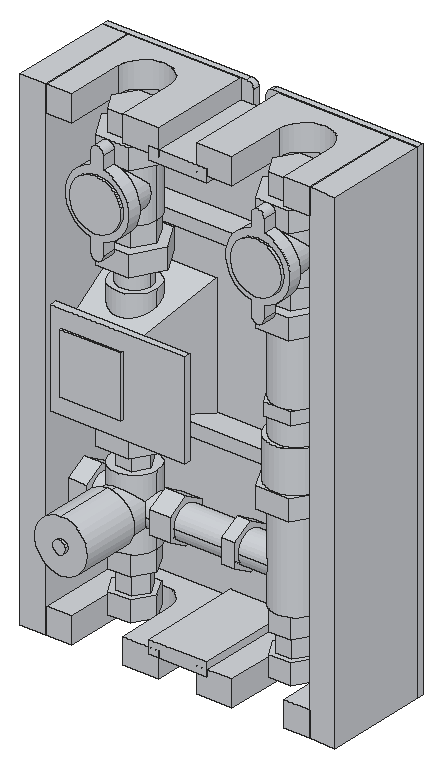
Revit family "330_3ec5e8d3080b46d3927e8630bd1675", category Mechanical Equipment, Revit 2022
Family settings
  Round Connector Dimension = Use Diameter
  Classification = None
  Part Type = Normal
  Work Plane-Based = No
  Always vertical = Yes
  Cut with Voids When Loaded = No
  Maintain Annotation Orientation = No
  Shared = No
  Room Calculation Point = No
Parameters (values of type "2174 1130EA")
  magiProductId = "3ec5e8d3080b46d3927e8630bd1675"
  magiProductFamilyId = "3ec5e8d3080b46d3927e8630bd1675"
  magiPartTypeId = 330
  XC = 62.5 mm
  WL = 225 mm
  W2L__ve = -W2L  # -80 mm
  W2L = 80 mm
  W2 = 85 mm
  W = 170 mm
  VersionID = "2.0/2019.5.23.1/FAR_2174_001"
  R25 = 25.5 mm
  R2 = 12.5 mm
  R15 = 17.5 mm
  R13 = 20.5 mm
  R1 = 12.5 mm
  QmdConnectorList = "301;P2;302;P2;303;P1;304;P1"
  Productdata [instance] = "© MagiCAD Group, all rights reserved"
  PL = 48.571 mm
  P2 = 25 mm
  P1 = 25 mm
  Manufacturer = "FAR"
  MC Shunt Valve Configuration = 0
  MC Shunt Control Valve Location = 0
  MC Product Code = "2174 1130EA"
  MC Primary Sizing Flow [instance] = 0.0 L/s
  MC Primary Given Pressure Drop [instance] = 0.0 Pa
  MC Piping Secondary Pressure Drop [instance] = 0.0 Pa
  MC Piping Secondary Flow [instance] = 0.0 L/s
  MC Piping Flow [instance] = 0.0 L/s
  MC Control Valve kv [instance] = 0
  MC Control Valve Pressure Drop [instance] = 0.0 Pa
  MC Balancing Valve kv [instance] = 0
  MC Balancing Valve Pressure Drop [instance] = 0.0 Pa
  MC Adjustable Valve kv for min dp [instance] = 0
  MC Adjustable Valve kv for max dp [instance] = 0
  MC Adjustable Valve Min Pressure Drop [instance] = 0.0 Pa
  MC Adjustable Valve Max Pressure Drop [instance] = 0.0 Pa
  LH92 = 21.333 mm
  LH9 = 42.667 mm
  LH62 = 27.429 mm
  LH61 = 86.857 mm
  LH6 = 54.857 mm
  LH48 = 104.476 mm
  LH44 = 74.476 mm
  LH42 = 47.238 mm
  LH4 = 94.476 mm
  L5 = 5 mm
  L45__ve = -L45  # -45 mm
  L45 = 45 mm
  L30 = 32 mm
  L22__ve = -L22  # -5 mm
  L222__ve = -L222  # -2 mm
  L222 = 2 mm
  L22 = 5 mm
  L20__ve = -L20  # -20 mm
  L20 = 20 mm
  L2 = 122.5 mm
  L15__ve = -L15  # -16 mm
  L15 = 16 mm
  L10__ve = -L10  # -10 mm
  L10 = 10 mm
  L = 245 mm
  KH = 15 mm
  H2 = 192 mm
  H = 384 mm
  Description = "Booster unit, thermostatic, pump 1-7m, shut-off valv., 130mm"
  Default Elevation = 0 mm
  CenSd_R25_6 = R25 * cos(30.00°)  # 22.084 mm
  CenSd_R1_6 = R1 * cos(30.00°)  # 10.825 mm
  CenSd_R15_6 = R15 * cos(30.00°)  # 15.155 mm
  CenSd_R13_6 = R13 * cos(30.00°)  # 17.754 mm
  CAT0 = yes
  CAT = no
Reference planes
  plane 1 "Center (Front/Back)": y = 0
  plane 2 "XYPLANE": z = 0
  plane 3 "Center (Left/Right)": x = 0
  plane 4 "380": z = 176
  plane 5 "379": z = 6.857
  plane 6 "376": z = -25.143
  plane 7 "373": y = -120
  plane 8 "372": x = 27.5
  plane 9 "369": x = -22.5
  plane 10 "368": x = -87.5
  plane 11 "358": y = -85
  plane 12 "350": z = -52.143
  plane 13 "347": z = 90.333
  plane 14 "342": x = 15
  plane 15 "341": x = 82.5
  plane 16 "340": x = 42.5
  plane 17 "339": x = 102.5
  plane 18 "331": y = -40
  plane 19 "330": y = -5
  plane 20 "329": y = -85
  plane 21 "328": x = -82.5
  plane 22 "327": x = -42.5
  plane 23 "326": x = -15
  plane 24 "325": x = -102.5
  plane 25 "323": x = 112.5
  plane 26 "319": y = -5
  plane 27 "318": x = -112.5
  plane 28 "311": z = -100.571
  plane 29 "304": x = 57.5
  plane 30 "303": x = 67.5
  plane 31 "296": y = -85
  plane 32 "290": z = 87.667
  plane 33 "289": z = 157.667
  plane 34 "288": z = 122.667
  plane 35 "287": x = -67.5
  plane 36 "286": x = -57.5
  plane 37 "285": z = 97.667
  plane 38 "284": z = 147.667
  plane 39 "281": y = -90
  plane 40 "277": x = -42.5
  plane 41 "274": y = -75
  plane 42 "272": z = 6.095
  plane 43 "271": y = -15
  plane 44 "243": z = 69.333
  plane 45 "240": z = 160
  plane 46 "239": z = 144
  plane 47 "238": z = 101.333
  plane 48 "231": z = 85.333
  plane 49 "228": z = 53.333
  plane 50 "225": z = -41.143
  plane 51 "222": z = -57.143
  plane 52 "219": z = -128
  plane 53 "216": z = -73.143
  plane 54 "215": z = -144
  plane 55 "210": z = -160
  plane 56 "207": z = -176
  plane 57 "202": x = -5
  plane 58 "201": x = 5
  plane 59 "200": x = 122.5
  plane 60 "199": z = -172
  plane 61 "198": z = 172
  plane 62 "126": y = -48.571
  plane 63 "121": x = 62.5
  plane 64 "116": x = -62.5
  plane 65 "84": z = -192
  plane 66 "83": z = 192
  plane 67 "82": x = -122.5
  plane 68 "43": y = 0
  plane 69 "42": x = 0
  plane 70 "41": z = 0
Forms (mm)
  Extrusion 1, solid
    sketch origin (-750, 0, 6.857) x (1, 0, 0) y (0, 1, 0)
      loop
        line (833, -48.571) -> (822.75, -30.818) -> (802.25, -30.818) -> (792, -48.571) -> (802.25, -66.325) -> (822.75, -66.325) -> (833, -48.571)
    from 0 to 10 <- "L10"
  Extrusion 2, solid
    sketch origin (750, -120, 0) x (-1, 0, 0) y (0, 0, 1)
      loop
        circle (812.5, -100.571) r 5
    from 0 to -2 <- "L222__ve"
  Extrusion 3, solid
    sketch origin (27.5, -750, 0) x (0, 1, 0) y (0, 0, 1)
      loop
        line (701.429, -83.071) -> (686.273, -91.821) -> (686.273, -109.321) -> (701.429, -118.071) -> (716.584, -109.321) -> (716.584, -91.821) -> (701.429, -83.071)
    from 0 to -10 <- "L10__ve"
  Extrusion 4, solid
    sketch origin (-22.5, -750, 0) x (0, 1, 0) y (0, 0, 1)
      loop
        line (701.429, -83.071) -> (686.273, -91.821) -> (686.273, -109.321) -> (701.429, -118.071) -> (716.584, -109.321) -> (716.584, -91.821) -> (701.429, -83.071)
    from 0 to -16 <- "L15__ve"
  Extrusion 5, solid
    sketch origin (-87.5, -750, 0) x (0, 1, 0) y (0, 0, 1)
      loop
        line (701.429, -83.071) -> (686.273, -91.821) -> (686.273, -109.321) -> (701.429, -118.071) -> (716.584, -109.321) -> (716.584, -91.821) -> (701.429, -83.071)
    from 0 to -16 <- "L15__ve"
  Extrusion 6, solid
    sketch origin (62.5, -750, 0) x (0, 1, 0) y (0, 0, 1)
      loop
        circle (701.429, -100.571) r 12.5
    from 0 to -150
  Extrusion 7, solid
    sketch origin (750, -75, 0) x (-1, 0, 0) y (0, 0, 1)
      loop
        circle (812.5, -100.571) r 20.5
    from 0 to -45 <- "L45__ve"
  Extrusion 8, solid
    sketch origin (750, -5, 0) x (-1, 0, 0) y (0, 0, 1)
      loop
        line (727.5, -167) -> (727.5, -177) -> (772.5, -177) -> (772.5, -167) -> (727.5, -167)
    from 0 to -80 <- "W2L__ve"
  Extrusion 9, solid
    sketch origin (750, -5, 0) x (-1, 0, 0) y (0, 0, 1)
      loop
        line (727.5, 177) -> (727.5, 167) -> (772.5, 167) -> (772.5, 177) -> (727.5, 177)
    from 0 to -80 <- "W2L__ve"
  Extrusion 10, solid
    sketch origin (750, -5, 0) x (-1, 0, 0) y (0, 0, 1)
      loop
        line (862.5, -47.143) -> (637.5, -47.143) -> (637.5, -57.143) -> (862.5, -57.143) -> (862.5, -47.143)
    from 0 to -20 <- "L20__ve"
  Extrusion 11, solid
    sketch origin (750, -5, 0) x (-1, 0, 0) y (0, 0, 1)
      loop
        line (862.5, 95.333) -> (637.5, 95.333) -> (637.5, 85.333) -> (862.5, 85.333) -> (862.5, 95.333)
    from 0 to -20 <- "L20__ve"
  Extrusion 12, solid
    sketch origin (-750, 0, -192) x (1, 0, 0) y (0, 1, 0)
      loop
        line (765, -5) -> (765, -85) -> (792.5, -85) -> (792.5, -40)
        arc (792.5, -40) -> (812.5, -20) -> (832.5, -40) r 20
        line (832.5, -40) -> (832.5, -85) -> (852.5, -85) -> (852.5, -5) -> (765, -5)
    from 0 to 20 <- "L20"
  Extrusion 13, solid
    sketch origin (-750, 0, 192) x (1, 0, 0) y (0, 1, 0)
      loop
        line (765, -5) -> (765, -85) -> (792.5, -85) -> (792.5, -40)
        arc (792.5, -40) -> (812.5, -20) -> (832.5, -40) r 20
        line (832.5, -40) -> (832.5, -85) -> (852.5, -85) -> (852.5, -5) -> (765, -5)
    from 0 to -20 <- "L20__ve"
  Extrusion 14, solid
    sketch origin (-750, 0, -192) x (1, 0, 0) y (0, 1, 0)
      loop
        line (647.5, -5) -> (647.5, -85) -> (667.5, -85) -> (667.5, -40)
        arc (667.5, -40) -> (687.5, -20) -> (707.5, -40) r 20
        line (707.5, -40) -> (707.5, -85) -> (735, -85) -> (735, -5) -> (647.5, -5)
    from 0 to 20 <- "L20"
  Extrusion 15, solid
    sketch origin (-750, 0, 192) x (1, 0, 0) y (0, 1, 0)
      loop
        line (647.5, -5) -> (647.5, -85) -> (667.5, -85) -> (667.5, -40)
        arc (667.5, -40) -> (687.5, -20) -> (707.5, -40) r 20
        line (707.5, -40) -> (707.5, -85) -> (735, -85) -> (735, -5) -> (647.5, -5)
    from 0 to -20 <- "L20__ve"
  Extrusion 16, solid
    sketch origin (750, -5, 0) x (-1, 0, 0) y (0, 0, 1)
      loop
        line (627.5, 192) -> (627.5, -192) -> (647.5, -192) -> (647.5, 192) -> (627.5, 192)
    from 0 to -80 <- "W2L__ve"
  Extrusion 17, solid
    sketch origin (750, -5, 0) x (-1, 0, 0) y (0, 0, 1)
      loop
        line (852.5, 192) -> (852.5, -192) -> (872.5, -192) -> (872.5, 192) -> (852.5, 192)
    from 0 to -80 <- "W2L__ve"
  Extrusion 18, solid
    sketch origin (750, -75, 0) x (-1, 0, 0) y (0, 0, 1)
      loop
        circle (812.5, -100.571) r 17.5
    from 0 to 20 <- "L20"
  Extrusion 19, solid
    sketch origin (750, -75, 0) x (-1, 0, 0) y (0, 0, 1)
      loop
        line (692.5, 87.667) -> (692.5, 97.667)
        arc (692.5, 97.667) -> (712.5, 122.667) -> (692.5, 147.667) r 25.625
        line (692.5, 147.667) -> (692.5, 157.667)
        arc (692.5, 157.667) -> (687.5, 162.667) -> (682.5, 157.667) r 5
        line (682.5, 157.667) -> (682.5, 147.667)
        arc (682.5, 147.667) -> (662.5, 122.667) -> (682.5, 97.667) r 25.625
        line (682.5, 97.667) -> (682.5, 87.667)
        arc (682.5, 87.667) -> (687.5, 82.667) -> (692.5, 87.667) r 5
    from 0 to -10 <- "L10__ve"
  Extrusion 20, solid
    sketch origin (750, -75, 0) x (-1, 0, 0) y (0, 0, 1)
      loop
        circle (687.5, 122.667) r 17.5
    from 0 to 20 <- "L20"
  Extrusion 21, solid
    sketch origin (750, -85, 0) x (-1, 0, 0) y (0, 0, 1)
      loop
        circle (687.5, 122.667) r 20
    from 0 to -2 <- "L222__ve"
  Extrusion 22, solid
    sketch origin (750, -85, 0) x (-1, 0, 0) y (0, 0, 1)
      loop
        circle (812.5, 122.667) r 20
    from 0 to -2 <- "L222__ve"
  Extrusion 23, solid
    sketch origin (750, -75, 0) x (-1, 0, 0) y (0, 0, 1)
      loop
        circle (812.5, 122.667) r 17.5
    from 0 to 20 <- "L20"
  Extrusion 24, solid
    sketch origin (750, -75, 0) x (-1, 0, 0) y (0, 0, 1)
      loop
        line (817.5, 87.667) -> (817.5, 97.667)
        arc (817.5, 97.667) -> (837.5, 122.667) -> (817.5, 147.667) r 25.625
        line (817.5, 147.667) -> (817.5, 157.667)
        arc (817.5, 157.667) -> (812.5, 162.667) -> (807.5, 157.667) r 5
        line (807.5, 157.667) -> (807.5, 147.667)
        arc (807.5, 147.667) -> (787.5, 122.667) -> (807.5, 97.667) r 25.625
        line (807.5, 97.667) -> (807.5, 87.667)
        arc (807.5, 87.667) -> (812.5, 82.667) -> (817.5, 87.667) r 5
    from 0 to -10 <- "L10__ve"
  Extrusion 25, solid
    sketch origin (750, -90, 0) x (-1, 0, 0) y (0, 0, 1)
      loop
        line (788.881, 29.714) -> (788.881, -17.524) -> (836.119, -17.524) -> (836.119, 29.714) -> (788.881, 29.714)
    from 0 to -2
  Extrusion 26, solid
    sketch origin (750, -85, 0) x (-1, 0, 0) y (0, 0, 1)
      loop
        line (740.262, 43.333) -> (740.262, -31.143) -> (844.738, -31.143) -> (844.738, 43.333) -> (740.262, 43.333)
    from 0 to -5 <- "L22__ve"
  Blend 27, solid
    base sketch origin (750, -15, 0) x (-1, 0, 0) y (0, 0, 1)
      loop
        line (775.262, 53.333) -> (775.262, -41.143) -> (849.738, -41.143) -> (849.738, 53.333) -> (775.262, 53.333)
    top sketch origin (750, -15, 0) x (-1, 0, 0) y (0, 0, 1)
      loop
        line (788.881, 29.714) -> (788.881, -17.524) -> (836.119, -17.524) -> (836.119, 29.714) -> (788.881, 29.714)
    from 0 to -70
  Extrusion 28, solid
    sketch origin (-750, 0, -176) x (1, 0, 0) y (0, 1, 0)
      loop
        line (830, -48.571) -> (821.25, -33.416) -> (803.75, -33.416) -> (795, -48.571) -> (803.75, -63.727) -> (821.25, -63.727) -> (830, -48.571)
    from 0 to 16 <- "L15"
  Extrusion 29, solid
    sketch origin (-750, 0, -160) x (1, 0, 0) y (0, 1, 0)
      loop
        line (825, -48.571) -> (818.75, -37.746) -> (806.25, -37.746) -> (800, -48.571) -> (806.25, -59.397) -> (818.75, -59.397) -> (825, -48.571)
    from 0 to 16 <- "L15"
  Extrusion 30, solid
    sketch origin (-750, 0, -144) x (1, 0, 0) y (0, 1, 0)
      loop
        line (830, -48.571) -> (821.25, -33.416) -> (803.75, -33.416) -> (795, -48.571) -> (803.75, -63.727) -> (821.25, -63.727) -> (830, -48.571)
    from 0 to 16 <- "L15"
  Extrusion 31, solid
    sketch origin (-750, 0, -128) x (1, 0, 0) y (0, 1, 0)
      loop
        circle (812.5, -48.571) r 17.5
    from 0 to 86.857 <- "LH61"
  Extrusion 32, solid
    sketch origin (-750, 0, -57.143) x (1, 0, 0) y (0, 1, 0)
      loop
        line (838, -48.571) -> (825.25, -26.488) -> (799.75, -26.488) -> (787, -48.571) -> (799.75, -70.655) -> (825.25, -70.655) -> (838, -48.571)
    from 0 to 16 <- "L15"
  Extrusion 33, solid
    sketch origin (-750, 0, -41.143) x (1, 0, 0) y (0, 1, 0)
      loop
        circle (812.5, -48.571) r 20.5
    from 0 to 32 <- "L30"
  Extrusion 34, solid
    sketch origin (-750, 0, 69.333) x (1, 0, 0) y (0, 1, 0)
      loop
        line (838, -48.571) -> (825.25, -26.488) -> (799.75, -26.488) -> (787, -48.571) -> (799.75, -70.655) -> (825.25, -70.655) -> (838, -48.571)
    from 0 to 16 <- "L15"
  Extrusion 35, solid
    sketch origin (-750, 0, 85.333) x (1, 0, 0) y (0, 1, 0)
      loop
        line (830, -48.571) -> (821.25, -33.416) -> (803.75, -33.416) -> (795, -48.571) -> (803.75, -63.727) -> (821.25, -63.727) -> (830, -48.571)
    from 0 to 16 <- "L15"
  Extrusion 36, solid
    sketch origin (-750, 0, 160) x (1, 0, 0) y (0, 1, 0)
      loop
        line (830, -48.571) -> (821.25, -33.416) -> (803.75, -33.416) -> (795, -48.571) -> (803.75, -63.727) -> (821.25, -63.727) -> (830, -48.571)
    from 0 to 16 <- "L15"
  Extrusion 37, solid
    sketch origin (-750, 0, 144) x (1, 0, 0) y (0, 1, 0)
      loop
        line (838, -48.571) -> (825.25, -26.488) -> (799.75, -26.488) -> (787, -48.571) -> (799.75, -70.655) -> (825.25, -70.655) -> (838, -48.571)
    from 0 to 16 <- "L15"
  Extrusion 38, solid
    sketch origin (-750, 0, 101.333) x (1, 0, 0) y (0, 1, 0)
      loop
        circle (812.5, -48.571) r 17.5
    from 0 to 42.667 <- "LH9"
  Extrusion 39, solid
    sketch origin (-750, 0, -25.143) x (1, 0, 0) y (0, 1, 0)
      loop
        circle (812.5, -48.571) r 17.5
    from 0 to 94.476 <- "LH4"
  Extrusion 40, solid
    sketch origin (-750, 0, 53.333) x (1, 0, 0) y (0, 1, 0)
      loop
        circle (687.5, -48.571) r 12.5
    from 0 to 16 <- "L15"
  Extrusion 41, solid
    sketch origin (-750, 0, 101.333) x (1, 0, 0) y (0, 1, 0)
      loop
        circle (687.5, -48.571) r 17.5
    from 0 to 42.667 <- "LH9"
  Extrusion 42, solid
    sketch origin (-750, 0, 144) x (1, 0, 0) y (0, 1, 0)
      loop
        line (713, -48.571) -> (700.25, -26.488) -> (674.75, -26.488) -> (662, -48.571) -> (674.75, -70.655) -> (700.25, -70.655) -> (713, -48.571)
    from 0 to 16 <- "L15"
  Extrusion 43, solid
    sketch origin (-750, 0, 160) x (1, 0, 0) y (0, 1, 0)
      loop
        line (705, -48.571) -> (696.25, -33.416) -> (678.75, -33.416) -> (670, -48.571) -> (678.75, -63.727) -> (696.25, -63.727) -> (705, -48.571)
    from 0 to 16 <- "L15"
  Extrusion 44, solid
    sketch origin (-750, 0, 85.333) x (1, 0, 0) y (0, 1, 0)
      loop
        line (705, -48.571) -> (696.25, -33.416) -> (678.75, -33.416) -> (670, -48.571) -> (678.75, -63.727) -> (696.25, -63.727) -> (705, -48.571)
    from 0 to 16 <- "L15"
  Extrusion 45, solid
    sketch origin (-750, 0, 69.333) x (1, 0, 0) y (0, 1, 0)
      loop
        line (713, -48.571) -> (700.25, -26.488) -> (674.75, -26.488) -> (662, -48.571) -> (674.75, -70.655) -> (700.25, -70.655) -> (713, -48.571)
    from 0 to 16 <- "L15"
  Extrusion 46, solid
    sketch origin (-750, 0, -41.143) x (1, 0, 0) y (0, 1, 0)
      loop
        circle (687.5, -48.571) r 17.5
    from 0 to 94.476 <- "LH4"
  Extrusion 47, solid
    sketch origin (-750, 0, -57.143) x (1, 0, 0) y (0, 1, 0)
      loop
        line (713, -48.571) -> (700.25, -26.488) -> (674.75, -26.488) -> (662, -48.571) -> (674.75, -70.655) -> (700.25, -70.655) -> (713, -48.571)
    from 0 to 16 <- "L15"
  Extrusion 48, solid
    sketch origin (-750, 0, -73.143) x (1, 0, 0) y (0, 1, 0)
      loop
        line (700, -48.571) -> (693.75, -37.746) -> (681.25, -37.746) -> (675, -48.571) -> (681.25, -59.397) -> (693.75, -59.397) -> (700, -48.571)
    from 0 to 16 <- "L15"
  Extrusion 49, solid
    sketch origin (-750, 0, -128) x (1, 0, 0) y (0, 1, 0)
      loop
        circle (687.5, -48.571) r 17.5
    from 0 to 54.857 <- "LH6"
  Extrusion 50, solid
    sketch origin (-750, 0, -144) x (1, 0, 0) y (0, 1, 0)
      loop
        line (705, -48.571) -> (696.25, -33.416) -> (678.75, -33.416) -> (670, -48.571) -> (678.75, -63.727) -> (696.25, -63.727) -> (705, -48.571)
    from 0 to 16 <- "L15"
  Extrusion 51, solid
    sketch origin (-750, 0, -160) x (1, 0, 0) y (0, 1, 0)
      loop
        line (700, -48.571) -> (693.75, -37.746) -> (681.25, -37.746) -> (675, -48.571) -> (681.25, -59.397) -> (693.75, -59.397) -> (700, -48.571)
    from 0 to 16 <- "L15"
  Extrusion 52, solid
    sketch origin (-750, 0, -176) x (1, 0, 0) y (0, 1, 0)
      loop
        line (705, -48.571) -> (696.25, -33.416) -> (678.75, -33.416) -> (670, -48.571) -> (678.75, -63.727) -> (696.25, -63.727) -> (705, -48.571)
    from 0 to 16 <- "L15"
  Extrusion 53, solid
    sketch origin (750, 0, 0) x (-1, 0, 0) y (0, 0, 1)
      loop
        line (872.5, 192) -> (760, 192)
        arc (760, 192) -> (756.464, 190.536) -> (755, 187) r 5
        line (755, 187) -> (755, 172) -> (745, 172) -> (745, 187)
        arc (745, 187) -> (743.536, 190.536) -> (740, 192) r 5
        line (740, 192) -> (627.5, 192) -> (627.5, -192) -> (740, -192)
        arc (740, -192) -> (743.536, -190.536) -> (745, -187) r 5
        line (745, -187) -> (745, -172) -> (755, -172) -> (755, -187)
        arc (755, -187) -> (756.464, -190.536) -> (760, -192) r 5
        line (760, -192) -> (872.5, -192) -> (872.5, 192)
    from 0 to -5 <- "L22__ve"
  Extrusion 54, solid, not visible
    sketch origin (-750, 0, -176) x (1, 0, 0) y (0, 1, 0)
      loop
        circle (812.5, -48.571) r 10
    from 0 to 10
  Extrusion 55, solid, not visible
    sketch origin (-750, 0, -176) x (1, 0, 0) y (0, 1, 0)
      loop
        circle (687.5, -48.571) r 10
    from 0 to 10
  Extrusion 56, solid, not visible
    sketch origin (-750, 0, 176) x (1, 0, 0) y (0, 1, 0)
      loop
        circle (812.5, -48.571) r 10
    from 0 to -10
  Extrusion 57, solid, not visible
    sketch origin (-750, 0, 176) x (1, 0, 0) y (0, 1, 0)
      loop
        circle (687.5, -48.571) r 10
    from 0 to -10
Lines and regions (mm)
  reference lines, not visible
    curve 1: circle (2, 2, 0) r 1 normal (0, 0, 1)
  reference lines
    curve 2: line (62.5, -48.571, 6.857) -> (57.375, -39.695, 6.857)
    curve 3: line (62.5, -48.571, 6.857) -> (52.25, -48.571, 6.857)
    curve 4: line (62.5, -48.571, 6.857) -> (57.375, -57.448, 6.857)
    curve 5: line (27.5, -48.571, -100.571) -> (27.5, -40.994, -104.946)
    curve 6: line (27.5, -48.571, -100.571) -> (27.5, -48.571, -109.321)
    curve 7: line (27.5, -48.571, -100.571) -> (27.5, -56.149, -104.946)
    curve 8: line (-22.5, -48.571, -100.571) -> (-22.5, -40.994, -104.946)
    curve 9: line (-22.5, -48.571, -100.571) -> (-22.5, -48.571, -109.321)
    curve 10: line (-22.5, -48.571, -100.571) -> (-22.5, -56.149, -104.946)
    curve 11: line (-87.5, -48.571, -100.571) -> (-87.5, -40.994, -104.946)
    curve 12: line (-87.5, -48.571, -100.571) -> (-87.5, -48.571, -109.321)
    curve 13: line (-87.5, -48.571, -100.571) -> (-87.5, -56.149, -104.946)
    curve 14: circle (0, -5, -172) r 1 normal (0, -1, 0)
    curve 15: circle (0, -5, 172) r 1 normal (0, -1, 0)
    curve 16: circle (0, -5, -52.143) r 1 normal (0, -1, 0)
    curve 17: circle (0, -5, 90.333) r 1 normal (0, -1, 0)
    curve 18: line (82.5, -40, -192) -> (42.5, -40, -192)
    curve 19: line (82.5, -40, 192) -> (42.5, -40, 192)
    curve 20: line (-42.5, -40, -192) -> (-82.5, -40, -192)
    curve 21: line (-42.5, -40, 192) -> (-82.5, -40, 192)
    curve 22: circle (112.5, -5, 0) r 1 normal (0, -1, 0)
    curve 23: circle (-112.5, -5, 0) r 1 normal (0, -1, 0)
    curve 24: line (57.5, -75, 87.667) -> (67.5, -75, 87.667)
    curve 25: line (67.5, -75, 97.667) -> (67.5, -75, 147.667)
    curve 26: line (67.5, -75, 157.667) -> (57.5, -75, 157.667)
    curve 27: line (57.5, -75, 147.667) -> (57.5, -75, 97.667)
    curve 28: line (-67.5, -75, 87.667) -> (-57.5, -75, 87.667)
    curve 29: line (-57.5, -75, 97.667) -> (-57.5, -75, 147.667)
    curve 30: line (-57.5, -75, 157.667) -> (-67.5, -75, 157.667)
    curve 31: line (-67.5, -75, 147.667) -> (-67.5, -75, 97.667)
    curve 32: circle (-62.5, -90, 6.095) r 1 normal (0, -1, 0)
    curve 33: circle (-42.5, -85, 6.095) r 1 normal (0, -1, 0)
    curve 34: circle (-62.5, -15, 6.095) r 1 normal (0, 1, 0)
    curve 35: circle (-62.5, -15, 6.095) r 1 normal (0, -1, 0)
    curve 36: line (62.5, -48.571, -176) -> (58.125, -40.994, -176)
    curve 37: line (62.5, -48.571, -176) -> (53.75, -48.571, -176)
    curve 38: line (62.5, -48.571, -176) -> (58.125, -56.149, -176)
    curve 39: line (62.5, -48.571, -160) -> (59.375, -43.159, -160)
    curve 40: line (62.5, -48.571, -160) -> (56.25, -48.571, -160)
    curve 41: line (62.5, -48.571, -160) -> (59.375, -53.984, -160)
    curve 42: line (62.5, -48.571, -144) -> (58.125, -40.994, -144)
    curve 43: line (62.5, -48.571, -144) -> (53.75, -48.571, -144)
    curve 44: line (62.5, -48.571, -144) -> (58.125, -56.149, -144)
    curve 45: line (62.5, -48.571, -57.143) -> (56.125, -37.53, -57.143)
    curve 46: line (62.5, -48.571, -57.143) -> (49.75, -48.571, -57.143)
    curve 47: line (62.5, -48.571, -57.143) -> (56.125, -59.613, -57.143)
    curve 48: line (62.5, -48.571, 69.333) -> (56.125, -37.53, 69.333)
    curve 49: line (62.5, -48.571, 69.333) -> (49.75, -48.571, 69.333)
    curve 50: line (62.5, -48.571, 69.333) -> (56.125, -59.613, 69.333)
    curve 51: line (62.5, -48.571, 85.333) -> (58.125, -40.994, 85.333)
    curve 52: line (62.5, -48.571, 85.333) -> (53.75, -48.571, 85.333)
    curve 53: line (62.5, -48.571, 85.333) -> (58.125, -56.149, 85.333)
    curve 54: line (62.5, -48.571, 160) -> (58.125, -40.994, 160)
    curve 55: line (62.5, -48.571, 160) -> (53.75, -48.571, 160)
    curve 56: line (62.5, -48.571, 160) -> (58.125, -56.149, 160)
    curve 57: line (62.5, -48.571, 144) -> (56.125, -37.53, 144)
    curve 58: line (62.5, -48.571, 144) -> (49.75, -48.571, 144)
    curve 59: line (62.5, -48.571, 144) -> (56.125, -59.613, 144)
    curve 60: line (-62.5, -48.571, 144) -> (-68.875, -37.53, 144)
    curve 61: line (-62.5, -48.571, 144) -> (-75.25, -48.571, 144)
    curve 62: line (-62.5, -48.571, 144) -> (-68.875, -59.613, 144)
    curve 63: line (-62.5, -48.571, 160) -> (-66.875, -40.994, 160)
    curve 64: line (-62.5, -48.571, 160) -> (-71.25, -48.571, 160)
    curve 65: line (-62.5, -48.571, 160) -> (-66.875, -56.149, 160)
    curve 66: line (-62.5, -48.571, 85.333) -> (-66.875, -40.994, 85.333)
    curve 67: line (-62.5, -48.571, 85.333) -> (-71.25, -48.571, 85.333)
    curve 68: line (-62.5, -48.571, 85.333) -> (-66.875, -56.149, 85.333)
    curve 69: line (-62.5, -48.571, 69.333) -> (-68.875, -37.53, 69.333)
    curve 70: line (-62.5, -48.571, 69.333) -> (-75.25, -48.571, 69.333)
    curve 71: line (-62.5, -48.571, 69.333) -> (-68.875, -59.613, 69.333)
    curve 72: line (-62.5, -48.571, -57.143) -> (-68.875, -37.53, -57.143)
    curve 73: line (-62.5, -48.571, -57.143) -> (-75.25, -48.571, -57.143)
    curve 74: line (-62.5, -48.571, -57.143) -> (-68.875, -59.613, -57.143)
    curve 75: line (-62.5, -48.571, -73.143) -> (-65.625, -43.159, -73.143)
    curve 76: line (-62.5, -48.571, -73.143) -> (-68.75, -48.571, -73.143)
    curve 77: line (-62.5, -48.571, -73.143) -> (-65.625, -53.984, -73.143)
    curve 78: line (-62.5, -48.571, -144) -> (-66.875, -40.994, -144)
    curve 79: line (-62.5, -48.571, -144) -> (-71.25, -48.571, -144)
    curve 80: line (-62.5, -48.571, -144) -> (-66.875, -56.149, -144)
    curve 81: line (-62.5, -48.571, -160) -> (-65.625, -43.159, -160)
    curve 82: line (-62.5, -48.571, -160) -> (-68.75, -48.571, -160)
    curve 83: line (-62.5, -48.571, -160) -> (-65.625, -53.984, -160)
    curve 84: line (-62.5, -48.571, -176) -> (-66.875, -40.994, -176)
    curve 85: line (-62.5, -48.571, -176) -> (-71.25, -48.571, -176)
    curve 86: line (-62.5, -48.571, -176) -> (-66.875, -56.149, -176)
Dimensions and locks
  plane 1 "Center (Front/Back)" to curve 1 = 2 mm
  "L15": plane 45 "240" to plane 4 "380"
  "L30": plane 6 "376" to plane 5 "379"
  "L15": plane 50 "225" to plane 6 "376"
  "L45": plane 41 "274" to plane 7 "373"
  locked: plane 9 "369" to plane 8 "372" at 50
  locked: plane 10 "368" to plane 9 "369" at 65
  locked: plane 63 "121" to plane 10 "368" at 150
  locked: plane 43 "271" to plane 11 "358" at 70
  "L5": plane 51 "222" to plane 12 "350"
  "L5": plane 48 "231" to plane 13 "347"
  "L10": plane 58 "201" to plane 14 "342"
  "L20": plane 63 "121" to plane 15 "341"
  "L20": plane 63 "121" to plane 16 "340"
  "L10": plane 25 "323" to plane 17 "339"
  "L45": plane 20 "329" to plane 18 "331"
  "L22": plane 68 "43" to plane 19 "330"
  "W2L": plane 19 "330" to plane 20 "329"
  "L20": plane 64 "116" to plane 21 "328"
  "L20": plane 64 "116" to plane 22 "327"
  "L10": plane 57 "202" to plane 23 "326"
  "L10": plane 27 "318" to plane 24 "325"
  "L10": plane 59 "200" to plane 25 "323"
  "L22": plane 68 "43" to plane 26 "319"
  "L10": plane 67 "82" to plane 27 "318"
  "LH62": plane 52 "219" to plane 28 "311"
  locked: plane 63 "121" to plane 29 "304" at 5
  locked: plane 63 "121" to plane 30 "303" at 5
  "L10": plane 41 "274" to plane 31 "296"
  "L10": plane 37 "285" to plane 32 "290"
  locked: plane 38 "284" to plane 33 "289" at 10
  "LH92": plane 47 "238" to plane 34 "288"
  locked: plane 64 "116" to plane 35 "287" at 5
  locked: plane 64 "116" to plane 36 "286" at 5
  locked: plane 34 "288" to plane 37 "285" at 25
  locked: plane 34 "288" to plane 38 "284" at 25
  "L22": plane 11 "358" to plane 39 "281"
  locked: plane 64 "116" to plane 40 "277" at 20
  locked: plane 43 "271" to plane 41 "274" at 60
  "LH42": plane 50 "225" to plane 42 "272"
  locked: plane 1 "Center (Front/Back)" to plane 43 "271" at 15
  "L15": plane 49 "228" to plane 44 "243"
  "L15": plane 46 "239" to plane 45 "240"
  "LH9": plane 47 "238" to plane 46 "239"
  "L15": plane 48 "231" to plane 47 "238"
  "L15": plane 44 "243" to plane 48 "231"
  "LH4": plane 50 "225" to plane 49 "228"
  "L15": plane 51 "222" to plane 50 "225"
  "L15": plane 53 "216" to plane 51 "222"
  "L15": plane 54 "215" to plane 52 "219"
  "LH6": plane 52 "219" to plane 53 "216"
  "L15": plane 55 "210" to plane 54 "215"
  "L15": plane 56 "207" to plane 55 "210"
  "L15": plane 65 "84" to plane 56 "207"
  "L5": plane 3 "Center (Left/Right)" to plane 57 "202"
  "L5": plane 3 "Center (Left/Right)" to plane 58 "201"
  "L2": plane 3 "Center (Left/Right)" to plane 59 "200"
  locked: plane 65 "84" to plane 60 "199" at 20
  locked: plane 66 "83" to plane 61 "198" at 20
  "PL": plane 1 "Center (Front/Back)" to plane 62 "126"
  "XC": plane 3 "Center (Left/Right)" to plane 63 "121"
  "XC": plane 3 "Center (Left/Right)" to plane 64 "116"
  "H2": plane 2 "XYPLANE" to plane 65 "84"
  "H2": plane 2 "XYPLANE" to plane 66 "83"
  "L2": plane 3 "Center (Left/Right)" to plane 67 "82"
  locked: plane 1 "Center (Front/Back)" to plane 68 "43"
  locked: plane 3 "Center (Left/Right)" to plane 69 "42"
  locked: plane 2 "XYPLANE" to plane 70 "41"
  "CenSd_R13_6": curve 2 to Extrusion 1 sketch curve  (x2)
  "CenSd_R13_6": curve 3 to Extrusion 1 sketch curve  (x2)
  "CenSd_R13_6": curve 4 to Extrusion 1 sketch curve  (x2)
  Extrusion 1 sketch curve to Extrusion 1 sketch curve = 0 mm  (x12)
  "CenSd_R15_6": curve 5 to Extrusion 3 sketch curve  (x2)
  "CenSd_R15_6": curve 6 to Extrusion 3 sketch curve  (x2)
  "CenSd_R15_6": curve 7 to Extrusion 3 sketch curve  (x2)
  Extrusion 3 sketch curve to Extrusion 3 sketch curve = 0 mm  (x12)
  "CenSd_R15_6": curve 8 to Extrusion 4 sketch curve  (x2)
  "CenSd_R15_6": curve 9 to Extrusion 4 sketch curve  (x2)
  "CenSd_R15_6": curve 10 to Extrusion 4 sketch curve  (x2)
  Extrusion 4 sketch curve to Extrusion 4 sketch curve = 0 mm  (x12)
  "CenSd_R15_6": curve 11 to Extrusion 5 sketch curve  (x2)
  "CenSd_R15_6": curve 12 to Extrusion 5 sketch curve  (x2)
  "CenSd_R15_6": curve 13 to Extrusion 5 sketch curve  (x2)
  Extrusion 5 sketch curve to Extrusion 5 sketch curve = 0 mm  (x12)
  equal spacing: Extrusion 8 sketch curve, curve 14, Extrusion 8 sketch curve  (x2)
  "L10": Extrusion 8 sketch curve to Extrusion 8 sketch curve
  "L45": Extrusion 8 sketch curve to Extrusion 8 sketch curve
  Extrusion 8 sketch curve to Extrusion 8 sketch curve = 0 mm  (x8)
  equal spacing: Extrusion 9 sketch curve, curve 15, Extrusion 9 sketch curve  (x2)
  "L10": Extrusion 9 sketch curve to Extrusion 9 sketch curve
  "L45": Extrusion 9 sketch curve to Extrusion 9 sketch curve
  Extrusion 9 sketch curve to Extrusion 9 sketch curve = 0 mm  (x8)
  equal spacing: Extrusion 10 sketch curve, curve 16, Extrusion 10 sketch curve  (x2)
  "WL": Extrusion 10 sketch curve to Extrusion 10 sketch curve
  "L10": Extrusion 10 sketch curve to Extrusion 10 sketch curve
  Extrusion 10 sketch curve to Extrusion 10 sketch curve = 0 mm  (x8)
  equal spacing: Extrusion 11 sketch curve, curve 17, Extrusion 11 sketch curve  (x2)
  "WL": Extrusion 11 sketch curve to Extrusion 11 sketch curve
  "L10": Extrusion 11 sketch curve to Extrusion 11 sketch curve
  Extrusion 11 sketch curve to Extrusion 11 sketch curve = 0 mm  (x8)
  "L20": curve 18 to Extrusion 12 sketch curve
  Extrusion 12 sketch curve to Extrusion 12 sketch curve = 0 mm  (x16)
  "L20": curve 19 to Extrusion 13 sketch curve
  Extrusion 13 sketch curve to Extrusion 13 sketch curve = 0 mm  (x16)
  "L20": curve 20 to Extrusion 14 sketch curve
  Extrusion 14 sketch curve to Extrusion 14 sketch curve = 0 mm  (x16)
  "L20": curve 21 to Extrusion 15 sketch curve
  Extrusion 15 sketch curve to Extrusion 15 sketch curve = 0 mm  (x16)
  equal spacing: Extrusion 16 sketch curve, curve 22, Extrusion 16 sketch curve  (x2)
  "H": Extrusion 16 sketch curve to Extrusion 16 sketch curve
  "L20": Extrusion 16 sketch curve to Extrusion 16 sketch curve
  Extrusion 16 sketch curve to Extrusion 16 sketch curve = 0 mm  (x8)
  equal spacing: Extrusion 17 sketch curve, curve 23, Extrusion 17 sketch curve  (x2)
  "H": Extrusion 17 sketch curve to Extrusion 17 sketch curve
  "L20": Extrusion 17 sketch curve to Extrusion 17 sketch curve
  Extrusion 17 sketch curve to Extrusion 17 sketch curve = 0 mm  (x8)
  "L5": curve 24 to Extrusion 19 sketch curve
  "L20": curve 25 to Extrusion 19 sketch curve
  "L5": curve 26 to Extrusion 19 sketch curve
  "L20": curve 27 to Extrusion 19 sketch curve
  Extrusion 19 sketch curve to Extrusion 19 sketch curve = 0 mm  (x16)
  "L5": curve 28 to Extrusion 24 sketch curve
  "L20": curve 29 to Extrusion 24 sketch curve
  "L5": curve 30 to Extrusion 24 sketch curve
  "L20": curve 31 to Extrusion 24 sketch curve
  Extrusion 24 sketch curve to Extrusion 24 sketch curve = 0 mm  (x16)
  equal spacing: Extrusion 25 sketch curve, curve 32, Extrusion 25 sketch curve  (x2)
  "LH42": Extrusion 25 sketch curve to Extrusion 25 sketch curve  (x2)
  Extrusion 25 sketch curve to Extrusion 25 sketch curve = 0 mm  (x8)
  equal spacing: Extrusion 26 sketch curve, curve 33, Extrusion 26 sketch curve  (x2)
  "LH44": Extrusion 26 sketch curve to Extrusion 26 sketch curve
  "LH48": Extrusion 26 sketch curve to Extrusion 26 sketch curve
  Extrusion 26 sketch curve to Extrusion 26 sketch curve = 0 mm  (x8)
  equal spacing: Blend 27 sketch curve, curve 34, Blend 27 sketch curve  (x2)
  "LH42": Blend 27 sketch curve to Blend 27 sketch curve  (x2)
  Blend 27 sketch curve to Blend 27 sketch curve = 0 mm  (x16)
  equal spacing: Blend 27 sketch curve, curve 35, Blend 27 sketch curve  (x2)
  "LH4": Blend 27 sketch curve to Blend 27 sketch curve
  "LH44": Blend 27 sketch curve to Blend 27 sketch curve
  "CenSd_R15_6": curve 36 to Extrusion 28 sketch curve  (x2)
  "CenSd_R15_6": curve 37 to Extrusion 28 sketch curve  (x2)
  "CenSd_R15_6": curve 38 to Extrusion 28 sketch curve  (x2)
  Extrusion 28 sketch curve to Extrusion 28 sketch curve = 0 mm  (x12)
  "CenSd_R1_6": curve 39 to Extrusion 29 sketch curve  (x2)
  "CenSd_R1_6": curve 40 to Extrusion 29 sketch curve  (x2)
  "CenSd_R1_6": curve 41 to Extrusion 29 sketch curve  (x2)
  Extrusion 29 sketch curve to Extrusion 29 sketch curve = 0 mm  (x12)
  "CenSd_R15_6": curve 42 to Extrusion 30 sketch curve  (x2)
  "CenSd_R15_6": curve 43 to Extrusion 30 sketch curve  (x2)
  "CenSd_R15_6": curve 44 to Extrusion 30 sketch curve  (x2)
  Extrusion 30 sketch curve to Extrusion 30 sketch curve = 0 mm  (x12)
  "CenSd_R25_6": curve 45 to Extrusion 32 sketch curve  (x2)
  "CenSd_R25_6": curve 46 to Extrusion 32 sketch curve  (x2)
  "CenSd_R25_6": curve 47 to Extrusion 32 sketch curve  (x2)
  Extrusion 32 sketch curve to Extrusion 32 sketch curve = 0 mm  (x12)
  "CenSd_R25_6": curve 48 to Extrusion 34 sketch curve  (x2)
  "CenSd_R25_6": curve 49 to Extrusion 34 sketch curve  (x2)
  "CenSd_R25_6": curve 50 to Extrusion 34 sketch curve  (x2)
  Extrusion 34 sketch curve to Extrusion 34 sketch curve = 0 mm  (x12)
  "CenSd_R15_6": curve 51 to Extrusion 35 sketch curve  (x2)
  "CenSd_R15_6": curve 52 to Extrusion 35 sketch curve  (x2)
  "CenSd_R15_6": curve 53 to Extrusion 35 sketch curve  (x2)
  Extrusion 35 sketch curve to Extrusion 35 sketch curve = 0 mm  (x12)
  "CenSd_R15_6": curve 54 to Extrusion 36 sketch curve  (x2)
  "CenSd_R15_6": curve 55 to Extrusion 36 sketch curve  (x2)
  "CenSd_R15_6": curve 56 to Extrusion 36 sketch curve  (x2)
  Extrusion 36 sketch curve to Extrusion 36 sketch curve = 0 mm  (x12)
  "CenSd_R25_6": curve 57 to Extrusion 37 sketch curve  (x2)
  "CenSd_R25_6": curve 58 to Extrusion 37 sketch curve  (x2)
  "CenSd_R25_6": curve 59 to Extrusion 37 sketch curve  (x2)
  Extrusion 37 sketch curve to Extrusion 37 sketch curve = 0 mm  (x12)
  "CenSd_R25_6": curve 60 to Extrusion 42 sketch curve  (x2)
  "CenSd_R25_6": curve 61 to Extrusion 42 sketch curve  (x2)
  "CenSd_R25_6": curve 62 to Extrusion 42 sketch curve  (x2)
  Extrusion 42 sketch curve to Extrusion 42 sketch curve = 0 mm  (x12)
  "CenSd_R15_6": curve 63 to Extrusion 43 sketch curve  (x2)
  "CenSd_R15_6": curve 64 to Extrusion 43 sketch curve  (x2)
  "CenSd_R15_6": curve 65 to Extrusion 43 sketch curve  (x2)
  Extrusion 43 sketch curve to Extrusion 43 sketch curve = 0 mm  (x12)
  "CenSd_R15_6": curve 66 to Extrusion 44 sketch curve  (x2)
  "CenSd_R15_6": curve 67 to Extrusion 44 sketch curve  (x2)
  "CenSd_R15_6": curve 68 to Extrusion 44 sketch curve  (x2)
  Extrusion 44 sketch curve to Extrusion 44 sketch curve = 0 mm  (x12)
  "CenSd_R25_6": curve 69 to Extrusion 45 sketch curve  (x2)
  "CenSd_R25_6": curve 70 to Extrusion 45 sketch curve  (x2)
  "CenSd_R25_6": curve 71 to Extrusion 45 sketch curve  (x2)
  Extrusion 45 sketch curve to Extrusion 45 sketch curve = 0 mm  (x12)
  "CenSd_R25_6": curve 72 to Extrusion 47 sketch curve  (x2)
  "CenSd_R25_6": curve 73 to Extrusion 47 sketch curve  (x2)
  "CenSd_R25_6": curve 74 to Extrusion 47 sketch curve  (x2)
  Extrusion 47 sketch curve to Extrusion 47 sketch curve = 0 mm  (x12)
  "CenSd_R1_6": curve 75 to Extrusion 48 sketch curve  (x2)
  "CenSd_R1_6": curve 76 to Extrusion 48 sketch curve  (x2)
  "CenSd_R1_6": curve 77 to Extrusion 48 sketch curve  (x2)
  Extrusion 48 sketch curve to Extrusion 48 sketch curve = 0 mm  (x12)
  "CenSd_R15_6": curve 78 to Extrusion 50 sketch curve  (x2)
  "CenSd_R15_6": curve 79 to Extrusion 50 sketch curve  (x2)
  "CenSd_R15_6": curve 80 to Extrusion 50 sketch curve  (x2)
  Extrusion 50 sketch curve to Extrusion 50 sketch curve = 0 mm  (x12)
  "CenSd_R1_6": curve 81 to Extrusion 51 sketch curve  (x2)
  "CenSd_R1_6": curve 82 to Extrusion 51 sketch curve  (x2)
  "CenSd_R1_6": curve 83 to Extrusion 51 sketch curve  (x2)
  Extrusion 51 sketch curve to Extrusion 51 sketch curve = 0 mm  (x12)
  "CenSd_R15_6": curve 84 to Extrusion 52 sketch curve  (x2)
  "CenSd_R15_6": curve 85 to Extrusion 52 sketch curve  (x2)
  "CenSd_R15_6": curve 86 to Extrusion 52 sketch curve  (x2)
  Extrusion 52 sketch curve to Extrusion 52 sketch curve = 0 mm  (x12)
  Extrusion 53 sketch curve to Extrusion 53 sketch curve = 0 mm  (x32)
  "L5": radius of Extrusion 2 sketch curve
  "R1": radius of Extrusion 6 sketch curve
  "R13": radius of Extrusion 7 sketch curve
  "R15": radius of Extrusion 18 sketch curve
  "R15": radius of Extrusion 20 sketch curve
  "L20": radius of Extrusion 21 sketch curve
  "L20": radius of Extrusion 22 sketch curve
  "R15": radius of Extrusion 23 sketch curve
  "R15": radius of Extrusion 31 sketch curve
  "R13": radius of Extrusion 33 sketch curve
  "R15": radius of Extrusion 38 sketch curve
  "R15": radius of Extrusion 39 sketch curve
  "R1": radius of Extrusion 40 sketch curve
  "R15": radius of Extrusion 41 sketch curve
  "R15": radius of Extrusion 46 sketch curve
  "R15": radius of Extrusion 49 sketch curve
  "L5": radius of Extrusion 53 sketch curve  (x4)
  locked: curve 3 to curve 2 (angle 60.00°)
  locked: curve 4 to curve 3 (angle 60.00°)
  locked: curve 4 to curve 2 (angle 120.00°)
  locked: curve 6 to curve 5 (angle 60.00°)
  locked: curve 7 to curve 6 (angle 60.00°)
  locked: curve 7 to curve 5 (angle 120.00°)
  locked: curve 9 to curve 8 (angle 60.00°)
  locked: curve 10 to curve 9 (angle 60.00°)
  locked: curve 10 to curve 8 (angle 120.00°)
  locked: curve 12 to curve 11 (angle 60.00°)
  locked: curve 13 to curve 12 (angle 60.00°)
  locked: curve 13 to curve 11 (angle 120.00°)
  locked: curve 37 to curve 36 (angle 60.00°)
  locked: curve 38 to curve 37 (angle 60.00°)
  locked: curve 38 to curve 36 (angle 120.00°)
  locked: curve 40 to curve 39 (angle 60.00°)
  locked: curve 41 to curve 40 (angle 60.00°)
  locked: curve 41 to curve 39 (angle 120.00°)
  locked: curve 43 to curve 42 (angle 60.00°)
  locked: curve 44 to curve 43 (angle 60.00°)
  locked: curve 44 to curve 42 (angle 120.00°)
  locked: curve 46 to curve 45 (angle 60.00°)
  locked: curve 47 to curve 46 (angle 60.00°)
  locked: curve 47 to curve 45 (angle 120.00°)
  locked: curve 49 to curve 48 (angle 60.00°)
  locked: curve 50 to curve 49 (angle 60.00°)
  locked: curve 50 to curve 48 (angle 120.00°)
  locked: curve 52 to curve 51 (angle 60.00°)
  locked: curve 53 to curve 52 (angle 60.00°)
  locked: curve 53 to curve 51 (angle 120.00°)
  locked: curve 55 to curve 54 (angle 60.00°)
  locked: curve 56 to curve 55 (angle 60.00°)
  locked: curve 56 to curve 54 (angle 120.00°)
  locked: curve 58 to curve 57 (angle 60.00°)
  locked: curve 59 to curve 58 (angle 60.00°)
  locked: curve 59 to curve 57 (angle 120.00°)
  locked: curve 61 to curve 60 (angle 60.00°)
  locked: curve 62 to curve 61 (angle 60.00°)
  locked: curve 62 to curve 60 (angle 120.00°)
  locked: curve 64 to curve 63 (angle 60.00°)
  locked: curve 65 to curve 64 (angle 60.00°)
  locked: curve 65 to curve 63 (angle 120.00°)
  locked: curve 67 to curve 66 (angle 60.00°)
  locked: curve 68 to curve 67 (angle 60.00°)
  locked: curve 68 to curve 66 (angle 120.00°)
  locked: curve 70 to curve 69 (angle 60.00°)
  locked: curve 71 to curve 70 (angle 60.00°)
  locked: curve 71 to curve 69 (angle 120.00°)
  locked: curve 73 to curve 72 (angle 60.00°)
  locked: curve 74 to curve 73 (angle 60.00°)
  locked: curve 74 to curve 72 (angle 120.00°)
  locked: curve 76 to curve 75 (angle 60.00°)
  locked: curve 77 to curve 76 (angle 60.00°)
  locked: curve 77 to curve 75 (angle 120.00°)
  locked: curve 79 to curve 78 (angle 60.00°)
  locked: curve 80 to curve 79 (angle 60.00°)
  locked: curve 80 to curve 78 (angle 120.00°)
  locked: curve 82 to curve 81 (angle 60.00°)
  locked: curve 83 to curve 82 (angle 60.00°)
  locked: curve 83 to curve 81 (angle 120.00°)
  locked: curve 85 to curve 84 (angle 60.00°)
  locked: curve 86 to curve 85 (angle 60.00°)
  locked: curve 86 to curve 84 (angle 120.00°)
  aligned and locked: level to plane 2 "XYPLANE"
  aligned and locked: plane 62 "126" to curve 4
  aligned and locked: plane 63 "121" to curve 4
  aligned and locked: plane 28 "311" to Extrusion 2 sketch curve
  aligned and locked: Extrusion 2 sketch curve to plane 64 "116"
  aligned and locked: plane 28 "311" to curve 7
  aligned and locked: curve 7 to plane 62 "126"
  aligned and locked: plane 28 "311" to curve 10
  aligned and locked: curve 10 to plane 62 "126"
  aligned and locked: plane 28 "311" to curve 13
  aligned and locked: curve 13 to plane 62 "126"
  aligned and locked: plane 28 "311" to Extrusion 6 sketch curve
  aligned and locked: Extrusion 6 sketch curve to plane 62 "126"
  aligned and locked: plane 28 "311" to Extrusion 7 sketch curve
  aligned and locked: Extrusion 7 sketch curve to plane 64 "116"
  aligned and locked: plane 60 "199" to curve 14
  aligned and locked: curve 14 to plane 69 "42"
  aligned and locked: plane 61 "198" to curve 15
  aligned and locked: plane 69 "42" to curve 15
  aligned and locked: plane 12 "350" to curve 16
  aligned and locked: curve 16 to plane 69 "42"
  aligned and locked: plane 13 "347" to curve 17
  aligned and locked: plane 69 "42" to curve 17
  aligned and locked: Extrusion 12 sketch curve to plane 19 "330"
  aligned and locked: plane 14 "342" to Extrusion 12 sketch curve  (x2)
  aligned and locked: Extrusion 12 sketch curve to plane 17 "339"
  aligned and locked: plane 19 "330" to Extrusion 12 sketch curve
  aligned and locked: plane 20 "329" to Extrusion 12 sketch curve  (x4)
  aligned and locked: plane 17 "339" to Extrusion 12 sketch curve
  aligned and locked: plane 15 "341" to Extrusion 12 sketch curve
  aligned and locked: plane 18 "331" to Extrusion 12 sketch curve  (x2)
  aligned and locked: plane 18 "331" to curve 18
  aligned and locked: plane 15 "341" to curve 18
  aligned and locked: plane 16 "340" to curve 18
  aligned and locked: Extrusion 12 sketch curve to plane 16 "340"
  aligned and locked: plane 16 "340" to Extrusion 12 sketch curve
  aligned and locked: Extrusion 13 sketch curve to plane 19 "330"
  aligned and locked: plane 14 "342" to Extrusion 13 sketch curve  (x2)
  aligned and locked: Extrusion 13 sketch curve to plane 17 "339"
  aligned and locked: plane 19 "330" to Extrusion 13 sketch curve
  aligned and locked: plane 20 "329" to Extrusion 13 sketch curve  (x4)
  aligned and locked: plane 17 "339" to Extrusion 13 sketch curve
  aligned and locked: plane 15 "341" to Extrusion 13 sketch curve
  aligned and locked: plane 18 "331" to Extrusion 13 sketch curve  (x2)
  aligned and locked: plane 18 "331" to curve 19
  aligned and locked: plane 15 "341" to curve 19
  aligned and locked: plane 16 "340" to curve 19
  aligned and locked: Extrusion 13 sketch curve to plane 16 "340"
  aligned and locked: plane 16 "340" to Extrusion 13 sketch curve
  aligned and locked: Extrusion 14 sketch curve to plane 19 "330"
  aligned and locked: plane 24 "325" to Extrusion 14 sketch curve  (x2)
  aligned and locked: Extrusion 14 sketch curve to plane 23 "326"
  aligned and locked: plane 19 "330" to Extrusion 14 sketch curve
  aligned and locked: plane 20 "329" to Extrusion 14 sketch curve  (x4)
  aligned and locked: plane 23 "326" to Extrusion 14 sketch curve
  aligned and locked: plane 22 "327" to Extrusion 14 sketch curve
  aligned and locked: plane 18 "331" to Extrusion 14 sketch curve  (x2)
  aligned and locked: plane 18 "331" to curve 20
  aligned and locked: plane 22 "327" to curve 20
  aligned and locked: plane 21 "328" to curve 20
  aligned and locked: Extrusion 14 sketch curve to plane 21 "328"
  aligned and locked: plane 21 "328" to Extrusion 14 sketch curve
  aligned and locked: Extrusion 15 sketch curve to plane 19 "330"
  aligned and locked: plane 24 "325" to Extrusion 15 sketch curve  (x2)
  aligned and locked: Extrusion 15 sketch curve to plane 23 "326"
  aligned and locked: plane 19 "330" to Extrusion 15 sketch curve
  aligned and locked: plane 20 "329" to Extrusion 15 sketch curve  (x4)
  aligned and locked: plane 23 "326" to Extrusion 15 sketch curve
  aligned and locked: plane 22 "327" to Extrusion 15 sketch curve
  aligned and locked: plane 18 "331" to Extrusion 15 sketch curve  (x2)
  aligned and locked: plane 18 "331" to curve 21
  aligned and locked: plane 22 "327" to curve 21
  aligned and locked: plane 21 "328" to curve 21
  aligned and locked: Extrusion 15 sketch curve to plane 21 "328"
  aligned and locked: plane 21 "328" to Extrusion 15 sketch curve
  aligned and locked: curve 22 to plane 25 "323"
  aligned and locked: plane 70 "41" to curve 22
  aligned and locked: curve 23 to plane 27 "318"
  aligned and locked: plane 70 "41" to curve 23
  aligned and locked: plane 28 "311" to Extrusion 18 sketch curve
  aligned and locked: Extrusion 18 sketch curve to plane 64 "116"
  aligned and locked: curve 24 to plane 32 "290"
  aligned and locked: plane 29 "304" to curve 24
  aligned and locked: plane 30 "303" to curve 24
  aligned and locked: plane 30 "303" to Extrusion 19 sketch curve  (x2)
  aligned and locked: plane 32 "290" to Extrusion 19 sketch curve  (x2)
  aligned and locked: plane 37 "285" to Extrusion 19 sketch curve  (x2)
  aligned and locked: plane 30 "303" to curve 25
  aligned and locked: plane 37 "285" to curve 25
  aligned and locked: plane 38 "284" to curve 25
  aligned and locked: plane 38 "284" to Extrusion 19 sketch curve  (x2)
  aligned and locked: plane 33 "289" to Extrusion 19 sketch curve  (x2)
  aligned and locked: plane 33 "289" to curve 26
  aligned and locked: plane 30 "303" to curve 26
  aligned and locked: plane 29 "304" to curve 26
  aligned and locked: Extrusion 19 sketch curve to plane 29 "304"  (x2)
  aligned and locked: curve 27 to plane 29 "304"
  aligned and locked: plane 38 "284" to curve 27
  aligned and locked: plane 37 "285" to curve 27
  aligned and locked: plane 34 "288" to Extrusion 20 sketch curve
  aligned and locked: plane 63 "121" to Extrusion 20 sketch curve
  aligned and locked: plane 34 "288" to Extrusion 21 sketch curve
  aligned and locked: plane 63 "121" to Extrusion 21 sketch curve
  aligned and locked: plane 34 "288" to Extrusion 22 sketch curve
  aligned and locked: plane 64 "116" to Extrusion 22 sketch curve
  aligned and locked: plane 34 "288" to Extrusion 23 sketch curve
  aligned and locked: plane 64 "116" to Extrusion 23 sketch curve
  aligned and locked: curve 28 to plane 32 "290"
  aligned and locked: plane 35 "287" to curve 28
  aligned and locked: plane 36 "286" to curve 28
  aligned and locked: plane 36 "286" to Extrusion 24 sketch curve  (x2)
  aligned and locked: plane 32 "290" to Extrusion 24 sketch curve  (x2)
  aligned and locked: plane 37 "285" to Extrusion 24 sketch curve  (x2)
  aligned and locked: plane 36 "286" to curve 29
  aligned and locked: plane 37 "285" to curve 29
  aligned and locked: plane 38 "284" to curve 29
  aligned and locked: plane 38 "284" to Extrusion 24 sketch curve  (x2)
  aligned and locked: plane 33 "289" to Extrusion 24 sketch curve  (x2)
  aligned and locked: plane 33 "289" to curve 30
  aligned and locked: plane 36 "286" to curve 30
  aligned and locked: plane 35 "287" to curve 30
  aligned and locked: Extrusion 24 sketch curve to plane 35 "287"  (x2)
  aligned and locked: curve 31 to plane 35 "287"
  aligned and locked: plane 38 "284" to curve 31
  aligned and locked: plane 37 "285" to curve 31
  aligned and locked: plane 42 "272" to curve 32
  aligned and locked: plane 64 "116" to curve 32
  aligned and locked: plane 40 "277" to curve 33
  aligned and locked: plane 42 "272" to curve 33
  aligned and locked: plane 42 "272" to curve 34
  aligned and locked: plane 64 "116" to curve 34
  aligned and locked: plane 42 "272" to curve 35
  aligned and locked: plane 64 "116" to curve 35
  aligned and locked: Blend 27 to plane 11 "358"
  aligned and locked: plane 62 "126" to curve 38
  aligned and locked: plane 63 "121" to curve 38
  aligned and locked: plane 62 "126" to curve 41
  aligned and locked: plane 63 "121" to curve 41
  aligned and locked: plane 62 "126" to curve 44
  aligned and locked: plane 63 "121" to curve 44
  aligned and locked: plane 62 "126" to Extrusion 31 sketch curve
  aligned and locked: plane 63 "121" to Extrusion 31 sketch curve
  aligned and locked: plane 62 "126" to curve 47
  aligned and locked: plane 63 "121" to curve 47
  aligned and locked: plane 62 "126" to Extrusion 33 sketch curve
  aligned and locked: plane 63 "121" to Extrusion 33 sketch curve
  aligned and locked: plane 62 "126" to curve 50
  aligned and locked: plane 63 "121" to curve 50
  aligned and locked: plane 62 "126" to curve 53
  aligned and locked: plane 63 "121" to curve 53
  aligned and locked: plane 62 "126" to curve 56
  aligned and locked: plane 63 "121" to curve 56
  aligned and locked: plane 62 "126" to curve 59
  aligned and locked: plane 63 "121" to curve 59
  aligned and locked: plane 62 "126" to Extrusion 38 sketch curve
  aligned and locked: plane 63 "121" to Extrusion 38 sketch curve
  aligned and locked: plane 62 "126" to Extrusion 39 sketch curve
  aligned and locked: plane 63 "121" to Extrusion 39 sketch curve
  aligned and locked: plane 62 "126" to Extrusion 40 sketch curve
  aligned and locked: plane 64 "116" to Extrusion 40 sketch curve
  aligned and locked: plane 62 "126" to Extrusion 41 sketch curve
  aligned and locked: plane 64 "116" to Extrusion 41 sketch curve
  aligned and locked: plane 62 "126" to curve 61
  aligned and locked: plane 64 "116" to curve 61
  aligned and locked: plane 62 "126" to curve 64
  aligned and locked: plane 64 "116" to curve 64
  aligned and locked: plane 62 "126" to curve 67
  aligned and locked: plane 64 "116" to curve 67
  aligned and locked: plane 62 "126" to curve 70
  aligned and locked: plane 64 "116" to curve 70
  aligned and locked: plane 62 "126" to Extrusion 46 sketch curve
  aligned and locked: plane 64 "116" to Extrusion 46 sketch curve
  aligned and locked: plane 62 "126" to curve 73
  aligned and locked: plane 64 "116" to curve 73
  aligned and locked: plane 62 "126" to curve 77
  aligned and locked: plane 64 "116" to curve 77
  aligned and locked: plane 62 "126" to Extrusion 49 sketch curve
  aligned and locked: plane 64 "116" to Extrusion 49 sketch curve
  aligned and locked: plane 62 "126" to curve 79
  aligned and locked: plane 64 "116" to curve 79
  aligned and locked: plane 62 "126" to curve 82
  aligned and locked: plane 64 "116" to curve 82
  aligned and locked: plane 62 "126" to curve 85
  aligned and locked: plane 64 "116" to curve 85
  aligned and locked: Extrusion 53 sketch curve to plane 66 "83"  (x2)
  aligned and locked: plane 67 "82" to Extrusion 53 sketch curve
  aligned and locked: Extrusion 53 sketch curve to plane 57 "202"  (x2)
  aligned and locked: plane 61 "198" to Extrusion 53 sketch curve  (x2)
  aligned and locked: plane 57 "202" to Extrusion 53 sketch curve
  aligned and locked: plane 58 "201" to Extrusion 53 sketch curve
  aligned and locked: plane 59 "200" to Extrusion 53 sketch curve
  aligned and locked: plane 66 "83" to Extrusion 53 sketch curve
  aligned and locked: plane 65 "84" to Extrusion 53 sketch curve  (x3)
  aligned and locked: Extrusion 53 sketch curve to plane 59 "200"
  aligned and locked: Extrusion 53 sketch curve to plane 58 "201"  (x2)
  aligned and locked: plane 60 "199" to Extrusion 53 sketch curve  (x2)
  aligned and locked: Extrusion 53 sketch curve to plane 67 "82"
  aligned and locked: plane 62 "126" to Extrusion 54 sketch curve
  aligned and locked: plane 63 "121" to Extrusion 54 sketch curve
  aligned and locked: plane 62 "126" to Extrusion 55 sketch curve
  aligned and locked: plane 64 "116" to Extrusion 55 sketch curve
  aligned and locked: plane 62 "126" to Extrusion 56 sketch curve
  aligned and locked: plane 63 "121" to Extrusion 56 sketch curve
  aligned and locked: plane 62 "126" to Extrusion 57 sketch curve
  aligned and locked: plane 64 "116" to Extrusion 57 sketch curve
Automatic sketch dimensions
  Extrusion 54 sketch curve to Extrusion 54 sketch curve = 10 mm
  Extrusion 55 sketch curve to Extrusion 55 sketch curve = 10 mm
  Extrusion 56 sketch curve to Extrusion 56 sketch curve = 10 mm
  Extrusion 57 sketch curve to Extrusion 57 sketch curve = 10 mm
  plane 3 "Center (Left/Right)" to curve 1 = 2 mm
  Extrusion 8 sketch curve to plane 9 "369" = 0 mm
  Extrusion 8 sketch curve to plane 56 "207" = 1 mm
  Extrusion 9 sketch curve to plane 9 "369" = 0 mm
  Extrusion 9 sketch curve to plane 61 "198" = 5 mm
  Extrusion 10 sketch curve to plane 25 "323" = 0 mm
  Extrusion 10 sketch curve to plane 51 "222" = 0 mm
  Extrusion 11 sketch curve to plane 25 "323" = 0 mm
  Extrusion 11 sketch curve to plane 48 "231" = 0 mm
  Extrusion 16 sketch curve to plane 59 "200" = 0 mm
  Extrusion 16 sketch curve to plane 65 "84" = 0 mm
  Extrusion 17 sketch curve to plane 24 "325" = 0 mm
  Extrusion 17 sketch curve to plane 65 "84" = 0 mm
  plane 22 "327" to Extrusion 25 sketch curve = 3.619 mm
  plane 6 "376" to Extrusion 25 sketch curve = 7.619 mm
  plane 58 "201" to Extrusion 26 sketch curve = 4.738 mm
  Extrusion 26 sketch curve to plane 6 "376" = 6 mm
  Blend 27 sketch curve to plane 49 "228" = 0 mm
  Blend 27 sketch curve to plane 9 "369" = 2.762 mm
  plane 22 "327" to Blend 27 sketch curve = 3.619 mm
  plane 6 "376" to Blend 27 sketch curve = 7.619 mm
  radius of curve 14 = 1 mm
  radius of curve 15 = 1 mm
  radius of curve 16 = 1 mm
  radius of curve 17 = 1 mm
  radius of curve 22 = 1 mm
  radius of curve 23 = 1 mm
  radius of curve 32 = 1 mm
  radius of curve 33 = 1 mm
  radius of curve 34 = 1 mm
  radius of curve 35 = 1 mm
  radius of curve 1 = 1 mm
Connectors
  piping at (-62.5, -48.571, -176), diameter 25, driven by "MC Piping Flow", driven by "P2"
    settings: on Extrusion 55, index 1, connector inside diameter 609.6 mm, connector length 0 mm, flow factor 0, pipe flow 0.0 L/s, pressure drop 0.0 Pa, fitting loss kfactor 0, connector angle 0.00°, fixture units 0, engagement length 0 mm, angle of deflection 0.00°, flow configuration 1, flow direction 1, fitting loss method 4, system type 7, joint type 0, gender type 0, connector reference index -1, connector utility 0, adjustable connector no, is connector primary yes, connector description "301"
  piping at (62.5, -48.571, -176), diameter 25, driven by "MC Piping Flow", driven by "P2"
    settings: on Extrusion 54, index 2, connector inside diameter 609.6 mm, connector length 0 mm, flow factor 0, pipe flow 0.0 L/s, pressure drop 0.0 Pa, fitting loss kfactor 0, connector angle 0.00°, fixture units 0, engagement length 0 mm, angle of deflection 0.00°, flow configuration 1, flow direction 2, fitting loss method 4, system type 8, joint type 0, gender type 0, connector reference index -1, connector utility 0, adjustable connector no, is connector primary no, connector description "302"
  piping at (-62.5, -48.571, 176), diameter 25, driven by "P1"
    settings: on Extrusion 57, index 3, connector inside diameter 609.6 mm, connector length 0 mm, flow factor 0, pipe flow 0.0 L/s, pressure drop 0.0 Pa, fitting loss kfactor 0, connector angle 0.00°, fixture units 0, engagement length 0 mm, angle of deflection 0.00°, flow configuration 0, flow direction 2, fitting loss method 0, system type 7, joint type 0, gender type 0, connector reference index -1, connector utility 0, adjustable connector no, is connector primary no, connector description "303"
  piping at (62.5, -48.571, 176), diameter 25, driven by "P1"
    settings: on Extrusion 56, index 4, connector inside diameter 609.6 mm, connector length 0 mm, flow factor 0, pipe flow 0.0 L/s, pressure drop 0.0 Pa, fitting loss kfactor 0, connector angle 0.00°, fixture units 0, engagement length 0 mm, angle of deflection 0.00°, flow configuration 0, flow direction 1, fitting loss method 0, system type 8, joint type 0, gender type 0, connector reference index -1, connector utility 0, adjustable connector no, is connector primary no, connector description "304"
